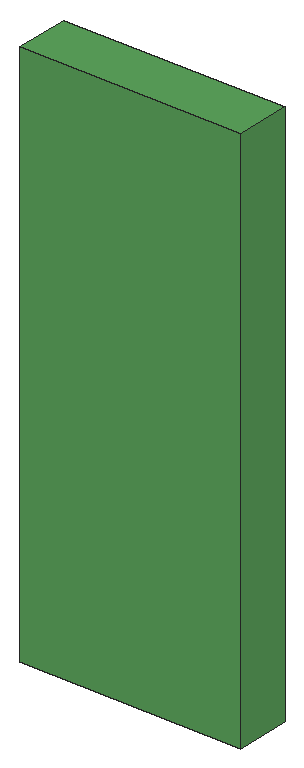
Revit family "DW_SET", category Generic Models, Revit 2020
Family settings
  Can host rebar = No
  Round Connector Dimension = Use Diameter
  Part Type = Normal
  Work Plane-Based = No
  Always vertical = Yes
  Cut with Voids When Loaded = No
  Shared = No
  Room Calculation Point = No
Parameters (values of type "Single Window")
  Width = 1.00 ft
  Type = "F - G - 45\" x 120\""
  Material = Plastic, Gray
  Length = 4.00 ft
  Heigth = 10.00 ft
  Family = "Window - CIEL Vertical_SB_Test"
  FWidth = 0.25 ft
  FLength = 3.80 ft
  FHeigth = 10.00 ft
  Default Elevation = 0.00 ft
  CWidth = 0.10 ft
  CLength = 3.80 ft
  CHeigth = 12.00 ft
Types (3, lengths in ft): name | Type | Material | Family | FLength | CWidth | CLength
  (no name) | "F - G - 45\" x 120\"" | Plastic, Gray | "Window - CIEL Vertical_SB_Test" | 3.80 | 0.10 | 3.80
  Single Door | "F - W - 31.5\" x 120\"" | Aluminum, Anodized Red | "Door - Single Panel" | 2.88 | 3.70 | 3.70
  Single Window | "F - G - 45\" x 120\"" | Plastic, Gray | "Window - CIEL Vertical_SB_Test" | 3.80 | 0.10 | 3.80
Reference planes (ft)
  plane 1 "Center (Front/Back)": y = 0
  plane 2: z = 0
  plane 3 "Center (Left/Right)": x = 0
  plane 4: y = 0.5
  plane 5: y = -0.5
  plane 6: x = 2
  plane 7: x = -2
  plane 8: z = 10
Forms (ft)
  Extrusion 1, solid, material "Plastic, Gray" <- "Material"
    sketch origin (0, 0, 0) x (1, 0, 0) y (0, 1, 0)
      loop
        line (-2, 0.5) -> (-2, -0.5) -> (2, -0.5) -> (2, 0.5) -> (-2, 0.5)
    from 0 to 10
Dimensions and locks (ft)
  equal spacing: plane 7, plane 3 "Center (Left/Right)", plane 6
  equal spacing: plane 4, plane 1 "Center (Front/Back)", plane 5
  "Length": plane 7 to plane 6
  "Width": plane 4 to plane 5
  "Heigth": plane 8 to plane 2
  aligned and locked: level to plane 2
  aligned and locked: Extrusion 1 sketch curve to plane 4
  aligned and locked: plane 7 to Extrusion 1 sketch curve
  aligned and locked: plane 5 to Extrusion 1 sketch curve
  aligned and locked: Extrusion 1 sketch curve to plane 6
  aligned and locked: plane 8 to Extrusion 1
